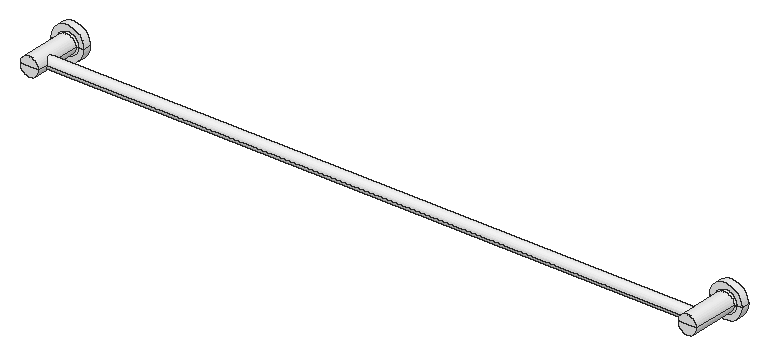
Revit family "Reece_Accessory_Sussex_Scala_Single Towel Rail", category Plumbing Fixtures, Revit 2018
Family settings
  Round Connector Dimension = Use Diameter
  Part Type = Normal
  Work Plane-Based = Yes
  Always vertical = Yes
  Cut with Voids When Loaded = Yes
  Shared = Yes
  Room Calculation Point = Yes
Parameters (values of type "900 mm_Chrome")
  URL = "https://www.reece.com.au/product/-2261352"
  Type Comments = "Accessory\r\n"
  Reece_Product_Web Page = "https://www.reece.com.au/product/-2261352"
  Reece_Product_Type = "Accessory\r\n"  # constant formula
  Reece_Product_Sub Brand = "Scala"  # constant formula
  Reece_Product_Number = "2261352"
  Reece_Product_Mount = "Wall Mounted"
  Reece_Product_Description = "Sussex Scala Single Towel Rail 900mm Chrome"
  Reece_Product_Brand = "Sussex"  # constant formula
  Reece_Overall_Width = Reece_Fixing_Point + 45 mm  # 940 mm
  Reece_Overall_Projection = 75 mm  # constant formula
  Reece_Overall_Diameter = 45 mm  # constant formula
  Reece_Material_Main = Reece_Brass_Chrome
  Reece_Height_From_Level [instance] = 800 mm
  Reece_Fixing_Point = 895 mm
  Reece_Detail_Installation = "Single Towel Rail"  # constant formula
  Reece_Detail_Disclaimer = "THIS FILE IS THE PROPERTY OF THE REECE GROUP. IT MAY NOT BE REPRODUCED, REVERSE-ENGINEERED OR MODIFIED. ANY REPUBLICATION, TRANSMISSION OR DISTRIBUTION FOR THE PURPOSE OF COMMERCIALLY EXPLOITING THE FILES IS PROHIBITED."  # constant formula
  Reece_Detail_Additional = ""
  Model = "Scala"
  Manufacturer = "Sussex"
  Keynote = "Product #2261352, Reece_Accessory_Sussex_Scala_Single Towel Rail - 900 mm_Chrome"
  Disclaimer = "THIS FILE IS THE PROPERTY OF THE REECE GROUP. IT MAY NOT BE REPRODUCED, REVERSE-ENGINEERED OR MODIFIED. ANY REPUBLICATION, TRANSMISSION OR DISTRIBUTION FOR THE PURPOSE OF COMMERCIALLY EXPLOITING THE FILES IS PROHIBITED."  # constant formula
  Description = "Scala Single Towel Rail 900mm Chrome"
  Default Elevation = 0 mm
Types (9, lengths in mm): name | URL | Reece_Product_Web Page | Reece_Product_Number | Reece_Product_Description | Reece_Overall_Width | Reece_Material_Main | Reece_Fixing_Point | Keynote | Description
  900 mm_Brushed Nickel | "https://www.reece.com.au/product/-2263248" | "https://www.reece.com.au/product/-2263248" | "2263248" | "Sussex Scala Single Towel Rail 900mm Brushed Nickel" | 940 | Reece_Brass_Brushed Nickel | 895 | "Product #2263248, Reece_Accessory_Sussex_Scala_Single Towel Rail - 900 mm_Brushed Nickel" | "Scala Single Towel Rail 900mm Brushed Nickel"
  900 mm_Chrome | "https://www.reece.com.au/product/-2261352" | "https://www.reece.com.au/product/-2261352" | "2261352" | "Sussex Scala Single Towel Rail 900mm Chrome" | 940 | Reece_Brass_Chrome | 895 | "Product #2261352, Reece_Accessory_Sussex_Scala_Single Towel Rail - 900 mm_Chrome" | "Scala Single Towel Rail 900mm Chrome"
  900 mm_PVD Brushed Platinum Gold | "https://www.reece.com.au/product/-2268338" | "https://www.reece.com.au/product/-2268338" | "2268338" | "Sussex Scala Single Towel Rail 900mm LUX PVD Brushed Platinum Gold" | 940 | Reece_PVD_Brushed_Platinum Gold | 895 | "Product #2268338, Reece_Accessory_Sussex_Scala_Single Towel Rail - 900 mm_PVD Brushed Platinum Gold" | "Scala Single Towel Rail 900mm LUX PVD Brushed Platinum Gold"
  900 mm_Satin Chrome | "https://www.reece.com.au/product/-2261382" | "https://www.reece.com.au/product/-2261382" | "2261382" | "Sussex Scala Single Towel Rail 900mm Satin Chrome" | 940 | Reece_Brass_Satin Chrome | 895 | "Product #2261382, Reece_Accessory_Sussex_Scala_Single Towel Rail - 900 mm_Satin Chrome" | "Scala Single Towel Rail 900mm Satin Chrome"
  700 mm_Chrome | "https://www.reece.com.au/product/-2261347" | "https://www.reece.com.au/product/-2261347" | "2261347" | "Sussex Scala Single Towel Rail 700mm Chrome" | 740 | Reece_Brass_Chrome | 695 | "Product #2261347, Reece_Accessory_Sussex_Scala_Single Towel Rail - 700 mm_Chrome" | "Scala Single Towel Rail 700mm Chrome"
  700 mm_PVD Brushed Platinum Gold | "https://www.reece.com.au/product/-2268337" | "https://www.reece.com.au/product/-2268337" | "2268337" | "Sussex Scala Single Towel Rail 700mm LUX PVD Brushed Platinum Gold" | 740 | Reece_PVD_Brushed_Platinum Gold | 695 | "Product #2268337, Reece_Accessory_Sussex_Scala_Single Towel Rail - 700 mm_PVD Brushed Platinum Gold" | "Scala Single Towel Rail 700mm LUX PVD Brushed Platinum Gold"
  700 mm_Satin Chrome | "https://www.reece.com.au/product/-2261349" | "https://www.reece.com.au/product/-2261349" | "2261349" | "Sussex Scala Single Towel Rail 700mm Satin Chrome" | 740 | Reece_Metal_Chrome_Satin | 695 | "Product #2261349, Reece_Accessory_Sussex_Scala_Single Towel Rail - 700 mm_Satin Chrome" | "Scala Single Towel Rail 700mm Satin Chrome"
  700 mm_Brushed Gunmetal | "https://www.reece.com.au/product/-2262515" | "https://www.reece.com.au/product/-2262515" | "2262515" | "Sussex Scala Single Towel Rail 700mm Brushed Gunmetal" | 740 | Reece_Brass_Brushed Gunmetal | 695 | "Product #2262515, Reece_Accessory_Sussex_Scala_Single Towel Rail - 700 mm_Brushed Gunmetal" | "Scala Single Towel Rail 700mm Brushed Gunmetal"
  700 mm_Brushed Nickel | "https://www.reece.com.au/product/-2263246" | "https://www.reece.com.au/product/-2263246" | "2263246" | "Sussex Scala Single Towel Rail 700mm Brushed Nickel" | 740 | Reece_Brass_Brushed Nickel | 695 | "Product #2263246, Reece_Accessory_Sussex_Scala_Single Towel Rail - 700 mm_Brushed Nickel" | "Scala Single Towel Rail 700mm Brushed Nickel"
Reference planes
  plane 1 "Center (Front/Back)": y = 0
  plane 2 "Bottom Host Plane": z = 0
  plane 3 "Center (Left/Right)": x = 0
  plane 4: x = -447.5
  plane 5: x = 447.5
  plane 6 "Rail Height": z = 800
  plane 7: z = -5
  plane 8: x = 470
  plane 9: x = -470
  plane 10: y = -54
  plane 11: y = -75
  plane 12: x = -425
  plane 13: x = 425
Forms (mm)
  Revolve 1, solid, material "Reece_Brass_Chrome" <- "Reece_Material_Main"
    sketch origin (0, 0, 800) x (1, 0, 0) y (0, -1, 0)
      loop
        line (433.004, 10) -> (425, 10) -> (425, 0) -> (447.5, 0) -> (447.5, 75) -> (435.004, 75) -> (435.004, 12)
        arc (435.004, 12) -> (434.418, 10.586) -> (433.004, 10) r 2
      axis (447.5, 0) -> (447.5, 75)
    angle from 0 to 360
  Sweep 2, solid, material "Reece_Brass_Chrome" <- "Reece_Material_Main"
    path origin (0, -295.618, 800) x (-1, 0, 0) y (0, -1, 0)
      loop
        line (447.5, -241.618) -> (-447.5, -241.618)
    profile origin (0, -54, 800) x (0, 1, 0) y (0, 0, 1)
      loop
        circle (0, 0) r 8
  Revolve 3, solid, material "Reece_Brass_Chrome" <- "Reece_Material_Main"
    sketch origin (0, 0, 800) x (-1, 0, 0) y (0, -1, 0)
      loop
        line (433.004, 10) -> (425, 10) -> (425, 0) -> (447.5, 0) -> (447.5, 75) -> (435.004, 75) -> (435.004, 12)
        arc (435.004, 12) -> (434.418, 10.586) -> (433.004, 10) r 2
      axis (447.5, 0) -> (447.5, 75)
    angle from 0 to 360
Cuts and joins
  joined: Revolve 1, Sweep 2, Revolve 3
Lines and regions (mm)
  model lines, style "InvisibleLines"
    curve 1: line (0, 0, -5) -> (0, 0, 800)
Text (mm)
  text "Reece ©" at (2566.678, -1893.132, 3557.003), in view "Reece Preview"
  text "Reece Copyright © 2018, Reece Ltd." at (530.89, -231.255, 0), in view "Ref. Level"
Dimensions and locks
  locked: plane 2 "Bottom Host Plane" to level
  "Reece_Fixing_Point": plane 5 to plane 4
  equal spacing: plane 5, plane 3 "Center (Left/Right)", plane 4
  locked: plane 7 to plane 2 "Bottom Host Plane" at 5
  equal spacing: plane 4, plane 3 "Center (Left/Right)", plane 5
  locked: Revolve 1 sketch curve to plane 5 at 12.496
  "Reece_Overall_Width": plane 8 to plane 9
  equal spacing: plane 8, plane 3 "Center (Left/Right)", plane 9
  locked: Revolve 1 sketch curve to plane 5 at 22.5
  locked: plane 4 to Revolve 3 sketch curve at 12.496
  locked: plane 4 to Revolve 3 sketch curve at 22.5
  "Reece_Overall_Projection": curve 1 to plane 11
  plane 10 to plane 11 = 21 mm
  "Reece_Height_From_Level": level to plane 6 "Rail Height"
  "Reece_Overall_Diameter": plane 9 to plane 12
  "Reece_Overall_Diameter": plane 13 to plane 8
  aligned and locked: plane 4 to Sweep 2 sketch curve
  aligned and locked: plane 5 to Sweep 2 sketch curve
  aligned and locked: plane 3 "Center (Left/Right)" to curve 1
  aligned and locked: plane 6 "Rail Height" to curve 1
  aligned and locked: plane 7 to curve 1
Automatic sketch dimensions
  plane 1 "Center (Front/Back)" to Sweep 2 sketch curve = 54 mm
  plane 6 "Rail Height" to Sweep 2 sketch curve = 0 mm
  Sweep 2 sketch curve to profile plane = 0 mm
  plane 1 "Center (Front/Back)" to Revolve 3 sketch curve = 0 mm
  Revolve 3 sketch curve to plane 4 = 0 mm  (x2)
  Revolve 3 sketch curve to Revolve 3 sketch curve = 2 mm
  Revolve 3 sketch curve to plane 1 "Center (Front/Back)" = 34.168 mm
  Revolve 3 sketch curve to plane 11 = 65.832 mm
  plane 1 "Center (Front/Back)" to Revolve 1 sketch curve = 0 mm
  Revolve 1 sketch curve to plane 5 = 0 mm  (x2)
  Revolve 1 sketch curve to Revolve 1 sketch curve = 10 mm
  Revolve 1 sketch curve to Revolve 1 sketch curve = 2 mm
  plane 1 "Center (Front/Back)" to Revolve 1 sketch curve = 34.168 mm
  plane 11 to Revolve 1 sketch curve = 65.832 mm
  plane 1 "Center (Front/Back)" to Revolve 3 sketch curve = 10 mm
  Revolve 3 sketch curve to plane 11 = 0 mm
  Revolve 1 sketch curve to plane 11 = 0 mm
  radius of Sweep 2 sketch curve = 8 mm
